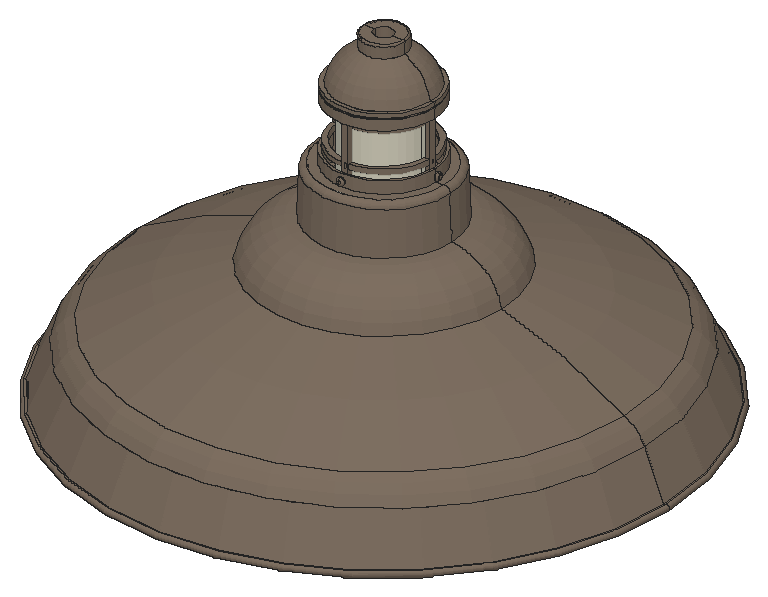
Revit family "WCG24", category Lighting Fixtures, Revit 2024
Family settings
  Round Connector Dimension = Use Diameter
  Part Type = Normal
  OmniClass Number = 23.80.70.00
  OmniClass Title = Lighting
  Work Plane-Based = No
  Always vertical = Yes
  Cut with Voids When Loaded = No
  Light Source = No
  Maintain Annotation Orientation = No
  Shared = No
  Room Calculation Point = No
Parameters
  Default Elevation = 0' - 0"
Reference planes (in)
  plane 1 "Light Source Axis (F/B)": y = 0
  plane 2: z = 0
  plane 3 "Light Source Axis (L/R)": x = 0
  plane 4 "Light Source Elevation": z = 84
Forms (in)
  Extrusion 1, solid, material "63"
    sketch origin (6.84003, -1.34798, 10.80197) x (1, 0, 0) y (0, 0, 1)
      loop
        line (-4.78958, 84.58935) -> (-4.99147, 84.58935) -> (-4.99147, 79.4727)
        arc (-4.99147, 79.4727) -> (-5.57549, 78.12432) -> (-6.95853, 77.62794) r 1.84856
        arc (-6.95853, 77.62794) -> (-8.1884, 78.20816) -> (-8.68859, 79.4727) r 1.84856
        line (-8.68859, 79.4727) -> (-8.68859, 84.58935) -> (-8.89048, 84.58935) -> (-8.89048, 79.4727)
        arc (-8.89048, 79.4727) -> (-6.84003, 77.42225) -> (-4.78958, 79.4727) r 2.05045
        line (-4.78958, 79.4727) -> (-4.78958, 84.58935)
    from -1.47618 to -1.22382
  Revolve 2, solid, material "63"
    sketch origin (6.84003, 0, 10.80197) x (1, 0, 0) y (0, 0, 1)
      loop
        line (-4.69794, 85.06325) -> (-4.69794, 85.21325) -> (-4.8646, 85.21325)
        arc (-4.8646, 85.21325) -> (-5.25766, 86.02652) -> (-5.96503, 86.58825) r 2.02674
        line (-5.96503, 86.58825) -> (-5.96503, 87.02575)
        arc (-5.96503, 87.02575) -> (-5.98334, 87.06994) -> (-6.02753, 87.08825) r 0.0625
        line (-6.02753, 87.08825) -> (-6.45092, 87.08825) -> (-6.45092, 86.65354)
        arc (-6.45092, 86.65354) -> (-5.46253, 86.11619) -> (-4.94074, 85.1195) r 1.93299
        line (-4.94074, 85.1195) -> (-4.83639, 85.1195) -> (-4.83639, 84.89938) -> (-4.79169, 84.89938) -> (-4.79169, 84.6831) -> (-5.08522, 84.6831) -> (-5.08522, 84.30461) -> (-4.99147, 84.30461) -> (-4.99147, 84.58935) -> (-4.69794, 84.58935) -> (-4.69794, 84.99313) -> (-4.74264, 84.99313) -> (-4.74264, 85.06325) -> (-4.69794, 85.06325)
      loop
        line (-4.99147, 82.87328) -> (-4.78958, 82.87328) -> (-4.78958, 83.07517) -> (-4.99147, 83.07517) -> (-4.99147, 82.87328)
      loop
        line (-4.99147, 81.35911) -> (-4.78958, 81.35911) -> (-4.78958, 81.561) -> (-4.99147, 81.561) -> (-4.99147, 81.35911)
      loop
        line (-4.99147, 79.84493) -> (-4.78958, 79.84493) -> (-4.78958, 80.04682) -> (-4.99147, 80.04682) -> (-4.99147, 79.84493)
      loop
        line (-5.24003, 84.58935) -> (-5.33378, 84.58935) -> (-5.33378, 79.6014)
        arc (-5.33378, 79.6014) -> (-5.77495, 78.53632) -> (-6.84003, 78.09515) r 1.50625
        line (-6.84003, 78.09515) -> (-6.84003, 78.0014)
        arc (-6.84003, 78.0014) -> (-5.70866, 78.47003) -> (-5.24003, 79.6014) r 1.6
        line (-5.24003, 79.6014) -> (-5.24003, 84.58935)
      axis (-6.84003, 87.08825) -> (-6.84003, 78.0014)
    angle from 0 to 360
  Extrusion 3, solid, material "63"
    sketch origin (5.40871, -9.34798, 10.80197) x (0, -1, 0) y (0, 0, 1)
      loop
        line (-11.40045, 84.58935) -> (-11.40045, 79.4727)
        arc (-11.40045, 79.4727) -> (-9.35, 77.42225) -> (-7.29955, 79.4727) r 2.05045
        line (-7.29955, 79.4727) -> (-7.29955, 84.58935) -> (-7.50144, 84.58935) -> (-7.50144, 79.4727)
        arc (-7.50144, 79.4727) -> (-8.05489, 78.15366) -> (-9.38383, 77.62445) r 1.84856
        arc (-9.38383, 77.62445) -> (-10.66903, 78.17758) -> (-11.19856, 79.4727) r 1.84856
        line (-11.19856, 79.4727) -> (-11.19856, 84.58935) -> (-11.40045, 84.58935)
    from 5.28252 to 5.53489
  Revolve 4, solid, material "63"
    sketch origin (0, 0, 33.76216) x (1, 0, 0) y (0, 0, 1)
      loop
        line (2.35226, 59.5) -> (2.35226, 59.59)
        arc (2.35226, 59.59) -> (2.33469, 59.63243) -> (2.29226, 59.65) r 0.06
        line (2.29226, 59.65) -> (2.25008, 59.65) -> (2.25008, 59.57321) -> (1.99937, 59.57321) -> (1.99937, 59.5) -> (2.35226, 59.5)
      axis (2.35226, 59.5) -> (1.99937, 59.5)
    angle from 0 to 360
  Revolve 5, solid, material "63"
    sketch origin (0, 0, 33.76216) x (0, -1, 0) y (0, 0, 1)
      loop
        line (2.35226, 59.5) -> (2.35226, 59.59)
        arc (2.35226, 59.59) -> (2.33469, 59.63243) -> (2.29226, 59.65) r 0.06
        line (2.29226, 59.65) -> (2.25008, 59.65) -> (2.25008, 59.57321) -> (1.99937, 59.57321) -> (1.99937, 59.5) -> (2.35226, 59.5)
      axis (2.35226, 59.5) -> (1.99937, 59.5)
    angle from 0 to 360
  Revolve 6, solid, material "63"
    sketch origin (0, 0, 33.76216) x (0, 1, 0) y (0, 0, 1)
      loop
        line (2.35226, 59.5) -> (2.35226, 59.59)
        arc (2.35226, 59.59) -> (2.33469, 59.63243) -> (2.29226, 59.65) r 0.06
        line (2.29226, 59.65) -> (2.25008, 59.65) -> (2.25008, 59.57321) -> (1.99937, 59.57321) -> (1.99937, 59.5) -> (2.35226, 59.5)
      axis (2.35226, 59.5) -> (1.99937, 59.5)
    angle from 0 to 360
  Revolve 7, solid, material "63"
    sketch origin (0, 0, 33.76216) x (-1, 0, 0) y (0, 0, 1)
      loop
        line (2.35226, 59.5) -> (2.35226, 59.59)
        arc (2.35226, 59.59) -> (2.33469, 59.63243) -> (2.29226, 59.65) r 0.06
        line (2.29226, 59.65) -> (2.25008, 59.65) -> (2.25008, 59.57321) -> (1.99937, 59.57321) -> (1.99937, 59.5) -> (2.35226, 59.5)
      axis (2.35226, 59.5) -> (1.99937, 59.5)
    angle from 0 to 360
  Revolve 8, solid, material "63"
    sketch origin (0, 0, 0) x (1, 0, 0) y (0, 0, 1)
      loop
        arc (-11.875, 84.25) -> (-11.95499, 84.02895) -> (-11.75206, 84.14761) r 0.125
        line (-11.75206, 84.14761) -> (-10.8991, 86.0634)
        arc (-10.8991, 86.0634) -> (-10.57766, 86.55982) -> (-10.11954, 86.93383) r 1.90625
        arc (-10.11954, 86.93383) -> (-7.57545, 88.2081) -> (-4.88845, 89.14416) r 22.05022
        arc (-4.88845, 89.14416) -> (-4.1393, 90.40038) -> (-2.75996, 90.8869) r 2.15054
        line (-2.75996, 90.8869) -> (-2.70211, 92.76784)
        arc (-2.70211, 92.76784) -> (-2.6568, 92.87915) -> (-2.54587, 92.92536) r 0.15625
        line (-2.54587, 92.92536) -> (-2.08169, 92.92536) -> (-2.08169, 93.51519) -> (-2.17544, 93.51519) -> (-2.17544, 93.01911) -> (-2.54587, 93.01911)
        arc (-2.54587, 93.01911) -> (-2.72265, 92.94589) -> (-2.79587, 92.76911) r 0.25
        line (-2.79587, 92.76911) -> (-2.8509, 90.9795)
        arc (-2.8509, 90.9795) -> (-4.21154, 90.46232) -> (-4.96869, 89.21911) r 2.24429
        arc (-4.96869, 89.21911) -> (-7.63831, 88.28329) -> (-10.16685, 87.01477) r 22.14397
        arc (-10.16685, 87.01477) -> (-10.6475, 86.62236) -> (-10.98475, 86.10153) r 2
        line (-10.98475, 86.10153) -> (-11.8091, 84.25) -> (-11.875, 84.25)
      axis (0, 84.14761) -> (0, 93.51519)
    angle from 0 to 360
Dimensions and locks (in)
  aligned and locked: level to plane 2
